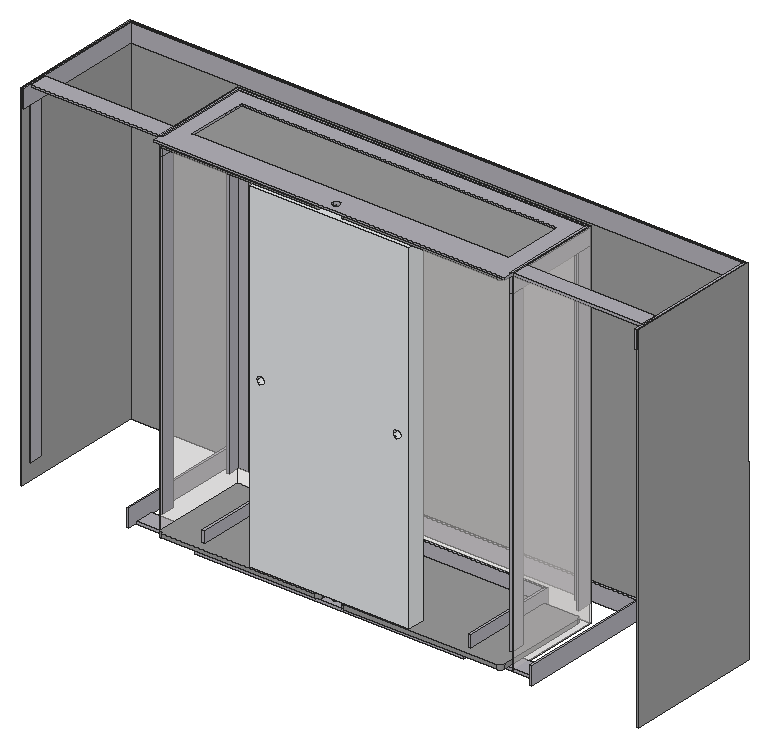
Revit family "Lighting - Lumetta - Sconce - W2094", category Lighting Fixtures, host Wall, Revit 2015
Parameters
  Wattage = 34.1318 W
  W2094 URL [instance] = "https://lumetta.com/luminaires/shadow-cube-sconce/"
  built-in parameter 1150110 = 1 (stored number, unit not read)
  URL = "https://lumetta.com/luminaires/shadow-cube-sconce/"
  built-in parameter 1114217 = 1 (stored number, unit not read)
  Top Lens-Material [instance] = Acrylic - 2447 - White
  Top Lens [instance] = yes
  built-in parameter 1150109 = 1 (stored number, unit not read)
  built-in parameter 1150134 = (empty or 0)
  built-in parameter 1150113 = 1 (stored number, unit not read)
  Model = "W2094"  # constant formula
  Manufacturer = "Lumetta, Inc."  # constant formula
  Lumens = 5070 lm
  built-in parameter 1150115 = 1 (stored number, unit not read)
  built-in parameter 1150105 = 403.46 (stored number, unit not read)
  Light Source Symbol Size = 0' - 1"
  built-in parameter 1150137 = (empty or 0)
  built-in parameter 1150139 = (empty or 0)
  built-in parameter 1150112 = 1 (stored number, unit not read)
  built-in parameter 1150114 = 1 (stored number, unit not read)
  built-in parameter 1150132 = 2
  built-in parameter 1150102 = (empty or 0)
  built-in parameter 1150138 = (empty or 0)
  built-in parameter 1150107 = 3000 (stored number, unit not read)
  built-in parameter 1150106 = 4.0346 (stored number, unit not read)
  Frame Finish [instance] = Paint - Lumetta - F02 - PC_Chrome
  built-in parameter 1150104 = 13.8 (stored number, unit not read)
  Dimming Lamp Color Temperature Shift = (empty or 0)
  Diffuser Material-Outer [instance] = Shade - Lumetta - D921 - Trans_Cool
  Diffuser Material-Inner [instance] = Shade - Lumetta - D61 - MT_White
  Description = "W2094 ShadowCube Sconce"  # constant formula
  Color Filter = 16777215
  Bottom Lens-Material [instance] = Acrylic - P95 - Etched White
  Bottom Lens [instance] = yes
  built-in parameter 1114218 = 1 (stored number, unit not read)
  built-in parameter 1150133 = 10 (stored number, unit not read)
Reference planes (in)
  plane 1: y = 0
  plane 2 "Light Source Axis (F/B)": y = 4
  plane 3 "Light Source Axis (L/R)": x = -1.43133
  plane 4 "Light Source Elevation": z = 77.42225
  plane 5 "Sconce-BTM": z = 72.35975
  plane 6 "Sconce-TOP": z = 82.48475
  plane 7 "Wall-Face": y = 3.0625
Forms (in)
  Extrusion 1, solid, material "Paint - Lumetta - F11 - PC_White"
    sketch origin (0, 3.0625, 0) x (-1, 0, 0) y (0, 0, 1)
      loop
        line (-0.81867, 82.27225) -> (-0.81867, 72.57225) -> (3.68133, 72.57225) -> (3.68133, 82.27225) -> (-0.81867, 82.27225)
      loop
        circle (3.36883, 77.42225) r 0.11
      loop
        circle (-0.50617, 77.42225) r 0.1111
    from 0 to 0.5
  Extrusion 2, solid, material "Paint - Lumetta - F02 - PC_Chrome" <- "Frame Finish"
    sketch origin (0, 0, 82.48475) x (0, 1, 0) y (-1, 0, 0)
      loop
        line (3.3125, 6.36883) -> (6, 6.36883) -> (6, -3.50617) -> (3.3125, -3.50617) -> (3.3125, -3.56867) -> (6.0625, -3.56867) -> (6.0625, 6.43133) -> (3.3125, 6.43133) -> (3.3125, 6.36883)
      loop
        line (6.9375, 10.18133) -> (3.0625, 10.18133) -> (3.0625, 10.11883) -> (6.875, 10.11883) -> (6.875, -7.25617) -> (3.0625, -7.25617) -> (3.0625, -7.31867) -> (6.9375, -7.31867) -> (6.9375, 10.18133)
    from 0 to -0.51153
  Extrusion 3, solid, material "Paint - Lumetta - F02 - PC_Chrome" <- "Frame Finish"
    sketch origin (0, 0, 72.35975) x (0, 1, 0) y (-1, 0, 0)
      loop
        line (6.875, 7.11883) -> (6.875, -4.25617) -> (3.0625, -4.25617) -> (3.0625, -4.31867) -> (6.9375, -4.31867) -> (6.9375, 7.18133) -> (3.0625, 7.18133) -> (3.0625, 7.11883) -> (6.875, 7.11883)
      loop
        line (3.3125, 5.24383) -> (3.3125, 5.18133) -> (6, 5.18133) -> (6, -2.31867) -> (3.3125, -2.31867) -> (3.3125, -2.38117) -> (6.0625, -2.38117) -> (6.0625, 5.24383) -> (3.3125, 5.24383)
    from 0 to 0.5
  Extrusion 4, solid, material "Paint - Lumetta - F02 - PC_Chrome" <- "Frame Finish"
    sketch origin (0, 0, 82.48475) x (0, 1, 0) y (-1, 0, 0)
      loop
        line (3.6875, -7.25617) -> (3.3125, -7.25617) -> (3.3125, -7.31867) -> (3.6875, -7.31867) -> (3.6875, -7.25617)
      loop
        line (3.6875, 10.18133) -> (3.3125, 10.18133) -> (3.3125, 10.11883) -> (3.6875, 10.11883) -> (3.6875, 10.18133)
      loop
        line (6, -3.50617) -> (5.6875, -3.50617) -> (5.6875, -3.56867) -> (6.0625, -3.56867) -> (6.0625, -3.19367) -> (6, -3.19367) -> (6, -3.50617)
      loop
        line (6.0625, 6.43133) -> (5.6875, 6.43133) -> (5.6875, 6.36883) -> (6, 6.36883) -> (6, 6.05633) -> (6.0625, 6.05633) -> (6.0625, 6.43133)
      loop
        line (3.6875, 6.43133) -> (3.3125, 6.43133) -> (3.3125, 6.36883) -> (3.6875, 6.36883) -> (3.6875, 6.43133)
      loop
        line (3.6875, -3.50617) -> (3.3125, -3.50617) -> (3.3125, -3.56867) -> (3.6875, -3.56867) -> (3.6875, -3.50617)
    from -9.625 to -0.51153
  Extrusion 5, solid, material "Paint - Lumetta - F02 - PC_Chrome" <- "Frame Finish"
    sketch origin (0, 0, 82.48475) x (0, 1, 0) y (-1, 0, 0)
      loop
        circle (3.3125, 1.43133) r 0.10938
      loop
        line (5.5625, 5.93133) -> (3.8125, 5.93133) -> (3.8125, -3.06867) -> (5.5625, -3.06867) -> (5.5625, 5.93133)
      loop
        line (6.0625, -3.56867) -> (6.0625, 6.43133) -> (3.8125, 6.43133) -> (3.8125, 10.11883) -> (3.3125, 10.11883) -> (3.3125, 6.43133) -> (3.0625, 6.43133) -> (3.0625, -3.56867) -> (3.3125, -3.56867) -> (3.3125, -7.25617) -> (3.8125, -7.25617) -> (3.8125, -3.56867) -> (6.0625, -3.56867)
    from 0 to -0.06123
  Extrusion 6, solid, material "Paint - Lumetta - F02 - PC_Chrome" <- "Frame Finish"
    sketch origin (0, 0, 72.35975) x (0, 1, 0) y (-1, 0, 0)
      loop
        line (6.0625, 5.24383) -> (3.8125, 5.24383) -> (3.8125, 7.11883) -> (3.3125, 7.11883) -> (3.3125, 5.24383) -> (3.0625, 5.24383) -> (3.0625, -2.38117) -> (3.3125, -2.38117) -> (3.3125, -4.25617) -> (3.8125, -4.25617) -> (3.8125, -2.38117) -> (6.0625, -2.38117) -> (6.0625, 5.24383)
      loop
        line (5.5625, 4.74383) -> (3.8125, 4.74383) -> (3.8125, -1.88117) -> (5.5625, -1.88117) -> (5.5625, 4.74383)
      loop
        circle (3.3125, 1.43133) r 0.106
    from 0 to 0.06762
  Extrusion 7, solid, material "Acrylic - 2447 - White" <- "Top Lens-Material", visible <- "Top Lens"
    sketch origin (0, 0, 82.48475) x (0, 1, 0) y (-1, 0, 0)
      loop
        arc (5.78125, -3.44367) -> (5.86964, -3.40706) -> (5.90625, -3.31867) r 0.125
        line (5.90625, -3.31867) -> (5.90625, 6.18133)
        arc (5.90625, 6.18133) -> (5.86964, 6.26971) -> (5.78125, 6.30633) r 0.125
        line (5.78125, 6.30633) -> (3.1875, 6.30633)
        arc (3.1875, 6.30633) -> (3.09911, 6.26971) -> (3.0625, 6.18133) r 0.125
        line (3.0625, 6.18133) -> (3.0625, 1.83758)
        arc (3.0625, 1.83758) -> (3.09911, 1.74919) -> (3.1875, 1.71258) r 0.125
        line (3.1875, 1.71258) -> (3.3125, 1.71258)
        arc (3.3125, 1.71258) -> (3.59375, 1.43133) -> (3.3125, 1.15008) r 0.28125
        line (3.3125, 1.15008) -> (3.1875, 1.15008)
        arc (3.1875, 1.15008) -> (3.09911, 1.11346) -> (3.0625, 1.02508) r 0.125
        line (3.0625, 1.02508) -> (3.0625, -3.31867)
        arc (3.0625, -3.31867) -> (3.09911, -3.40706) -> (3.1875, -3.44367) r 0.125
        line (3.1875, -3.44367) -> (5.78125, -3.44367)
    from -0.06123 to -0.12443
  Extrusion 8, solid, material "Acrylic - P95 - Etched White" <- "Bottom Lens-Material", visible <- "Bottom Lens"
    sketch origin (0, 0, 72.35975) x (0, 1, 0) y (-1, 0, 0)
      loop
        arc (5.78125, -3.44367) -> (5.86964, -3.40706) -> (5.90625, -3.31867) r 0.125
        line (5.90625, -3.31867) -> (5.90625, 6.18133)
        arc (5.90625, 6.18133) -> (5.86964, 6.26971) -> (5.78125, 6.30633) r 0.125
        line (5.78125, 6.30633) -> (3.1875, 6.30633)
        arc (3.1875, 6.30633) -> (3.09911, 6.26971) -> (3.0625, 6.18133) r 0.125
        line (3.0625, 6.18133) -> (3.0625, 1.83758)
        arc (3.0625, 1.83758) -> (3.09911, 1.74919) -> (3.1875, 1.71258) r 0.125
        line (3.1875, 1.71258) -> (3.3125, 1.71258)
        arc (3.3125, 1.71258) -> (3.59375, 1.43133) -> (3.3125, 1.15008) r 0.28125
        line (3.3125, 1.15008) -> (3.1875, 1.15008)
        arc (3.1875, 1.15008) -> (3.09911, 1.11346) -> (3.0625, 1.02508) r 0.125
        line (3.0625, 1.02508) -> (3.0625, -3.31867)
        arc (3.0625, -3.31867) -> (3.09911, -3.40706) -> (3.1875, -3.44367) r 0.125
        line (3.1875, -3.44367) -> (5.78125, -3.44367)
    from 0.184 to 0.06762
  Extrusion 9, solid, material "Shade - Lumetta - D921 - Trans_Cool" <- "Diffuser Material-Outer"
    sketch origin (0, 0, 72.35975) x (0, 1, 0) y (-1, 0, 0)
      loop
        line (3.0625, 10.18133) -> (6.9375, 10.18133) -> (6.9375, -7.31867) -> (3.0625, -7.31867) -> (3.0625, -7.34992) -> (6.96875, -7.34992) -> (6.96875, 10.21258) -> (3.0625, 10.21258) -> (3.0625, 10.18133)
    from 0 to 10.125
  Extrusion 10, solid, material "Shade - Lumetta - D61 - MT_White" <- "Diffuser Material-Inner"
    sketch origin (0, 0, 72.35975) x (0, 1, 0) y (-1, 0, 0)
      loop
        line (3.3125, 6.43133) -> (6.0625, 6.43133) -> (6.0625, -3.56867) -> (3.3125, -3.56867) -> (3.3125, -3.59992) -> (6.09375, -3.59992) -> (6.09375, 6.46258) -> (3.3125, 6.46258) -> (3.3125, 6.43133)
    from 0 to 10.125
Text (in)
  text "Placement Side" at (0, 40.15149, 123.01588), in view "Right"
  text "Placement Side" at (-70.3804, 28.46503, 0), in view "Ref. Level"
  text "Placement Side" at (0, 85.69064, 140.59947), in view "Left"
Dimensions and locks (in)
  plane 4 "Light Source Elevation" to plane 6 "Sconce-TOP" = 0' - 5 1/16"
  plane 5 "Sconce-BTM" to plane 4 "Light Source Elevation" = 0' - 5 1/16"  (x2)
  plane 6 "Sconce-TOP" to plane 4 "Light Source Elevation" = 0' - 5 1/16"
  locked: Extrusion 1 sketch curve to Extrusion 1 sketch curve at 4.5
  locked: plane 4 "Light Source Elevation" to Extrusion 1 sketch curve at 4.85
  locked: Extrusion 1 sketch curve to Extrusion 1 sketch curve at 9.7
  Extrusion 1 sketch curve to imposter light = 0' - 0"
  imposter light to Extrusion 1 sketch curve = 0' - 0"
  locked: plane 3 "Light Source Axis (L/R)" to Extrusion 1 sketch curve at 2.25
  locked: Extrusion 2 to Extrusion 2 at 0.51153
  locked: Extrusion 3 sketch curve to Extrusion 3 sketch curve at 0.0625  (x6)
  locked: Extrusion 3 sketch curve to Extrusion 3 sketch curve at 3.875  (x2)
  locked: plane 3 "Light Source Axis (L/R)" to Extrusion 3 sketch curve at 5.75
  locked: Extrusion 3 sketch curve to Extrusion 3 sketch curve at 11.5
  locked: plane 7 "Wall-Face" to Extrusion 3 sketch curve at 0
  locked: plane 5 "Sconce-BTM" to Extrusion 3 at 0.5
  locked: Extrusion 3 sketch curve to Extrusion 3 sketch curve at 2.75  (x2)
  locked: Extrusion 3 sketch curve to Extrusion 3 sketch curve at 7.625
  locked: plane 3 "Light Source Axis (L/R)" to Extrusion 3 sketch curve at 3.8125
  locked: Extrusion 3 sketch curve to plane 7 "Wall-Face" at 0.25
  locked: Extrusion 5 to plane 6 "Sconce-TOP" at 0.06123
  locked: Extrusion 6 sketch curve to Extrusion 6 sketch curve at 11.375
  locked: Extrusion 6 sketch curve to Extrusion 6 sketch curve at 7.625  (x2)
  locked: Extrusion 6 sketch curve to Extrusion 6 sketch curve at 1.875  (x5)
  locked: Extrusion 6 sketch curve to Extrusion 6 sketch curve at 0.5  (x7)
  Extrusion 6 sketch curve to Extrusion 6 sketch curve = 0' - 0 1/2"
  locked: Extrusion 6 sketch curve to Extrusion 6 sketch curve at 5.6875
  locked: Extrusion 6 sketch curve to Extrusion 6 sketch curve at 0.25
  locked: Extrusion 6 sketch curve to Extrusion 6 sketch curve at 0.75
  locked: Extrusion 6 sketch curve to Extrusion 6 sketch curve at 3
  locked: Extrusion 6 sketch curve to Extrusion 6 sketch curve at 2.25  (x2)
  locked: plane 5 "Sconce-BTM" to Extrusion 6 at 0.06762
  locked: Extrusion 7 sketch curve to Extrusion 7 sketch curve at 9.75
  locked: Extrusion 7 sketch curve to Extrusion 7 sketch curve at 2.84375  (x2)
  locked: Extrusion 7 sketch curve to Extrusion 7 sketch curve at 0.25
  locked: Extrusion 8 sketch curve to Extrusion 8 sketch curve at 9.75
  locked: Extrusion 8 sketch curve to Extrusion 8 sketch curve at 2.84375  (x3)
  locked: Extrusion 8 sketch curve to Extrusion 8 sketch curve at 0.25
  locked: Extrusion 6 to Extrusion 8 at 0.11638
  locked: Extrusion 6 sketch curve to host wall at 0
  locked: Extrusion 8 sketch curve to plane 7 "Wall-Face" at 2.84375
  Extrusion 8 sketch curve to Extrusion 7 = 0' - 0"
  locked: plane 7 "Wall-Face" to Extrusion 7 sketch curve at 2.84375
  Extrusion 9 to plane 3 "Light Source Axis (L/R)" = 0' - 8 3/4"
  locked: Extrusion 9 sketch curve to Extrusion 3 at 0.03125
  locked: Extrusion 9 sketch curve to Extrusion 9 sketch curve at 0.03125  (x3)
  locked: Extrusion 10 sketch curve to Extrusion 10 sketch curve at 0.03125  (x3)
  locked: plane 7 "Wall-Face" to Extrusion 10 sketch curve at 3.03125
  locked: Extrusion 2 sketch curve to Extrusion 2 sketch curve at 0.0625  (x6)
  locked: plane 7 "Wall-Face" to Extrusion 2 sketch curve at 3
  locked: plane 7 "Wall-Face" to Extrusion 2 sketch curve at 3.875
  locked: Extrusion 2 sketch curve to Extrusion 2 sketch curve at 10
  locked: Extrusion 2 sketch curve to Extrusion 2 sketch curve at 17.5
  locked: plane 3 "Light Source Axis (L/R)" to Extrusion 2 sketch curve at 5
  locked: plane 3 "Light Source Axis (L/R)" to Extrusion 2 sketch curve at 8.75
  locked: plane 3 "Light Source Axis (L/R)" to Extrusion 10 sketch curve at 5
  locked: Extrusion 10 sketch curve to Extrusion 10 sketch curve at 10
  locked: plane 7 "Wall-Face" to Extrusion 10 sketch curve at 3
  Extrusion 2 sketch curve to plane 7 "Wall-Face" = 0' - 0 1/4"  (x2)
  locked: plane 7 "Wall-Face" to Extrusion 10 sketch curve at 0.25  (x2)
  locked: Extrusion 9 sketch curve to plane 7 "Wall-Face" at 3.875
  locked: Extrusion 9 sketch curve to plane 7 "Wall-Face" at 0  (x2)
  locked: plane 3 "Light Source Axis (L/R)" to Extrusion 9 sketch curve at 8.75
  locked: Extrusion 9 sketch curve to Extrusion 9 sketch curve at 17.5
  locked: Extrusion 4 sketch curve to Extrusion 4 sketch curve at 0.0625  (x8)
  locked: Extrusion 4 sketch curve to Extrusion 4 sketch curve at 0.375  (x5)
  locked: Extrusion 4 sketch curve to Extrusion 3 at 0.375
  locked: Extrusion 3 to Extrusion 4 sketch curve at 0.375  (x2)
  locked: Extrusion 4 sketch curve to plane 7 "Wall-Face" at 0.25
  locked: plane 7 "Wall-Face" to Extrusion 4 sketch curve at 0.25
  locked: plane 7 "Wall-Face" to Extrusion 4 sketch curve at 3  (x2)
  locked: plane 3 "Light Source Axis (L/R)" to Extrusion 4 sketch curve at 8.75
  locked: Extrusion 4 sketch curve to Extrusion 4 sketch curve at 17.5
  locked: Extrusion 4 sketch curve to Extrusion 4 sketch curve at 10  (x2)
  locked: plane 3 "Light Source Axis (L/R)" to Extrusion 4 sketch curve at 5  (x2)
  locked: plane 7 "Wall-Face" to Extrusion 5 sketch curve at 0
  locked: Extrusion 5 sketch curve to Extrusion 5 sketch curve at 0.75
  locked: Extrusion 5 sketch curve to Extrusion 5 sketch curve at 1.75
  locked: Extrusion 5 sketch curve to Extrusion 5 sketch curve at 0.5  (x3)
  locked: Extrusion 5 sketch curve to Extrusion 5 sketch curve at 0.25  (x3)
  locked: Extrusion 7 sketch curve to plane 3 "Light Source Axis (L/R)" at 4.875
  locked: Extrusion 8 sketch curve to plane 3 "Light Source Axis (L/R)" at 4.875
  locked: imposter light to plane 3 "Light Source Axis (L/R)" (angle 90.00°)
  aligned: level to host wall
  aligned and locked: plane 2 "Light Source Axis (F/B)" to imposter light
  aligned and locked: host wall to plane 7 "Wall-Face"
  aligned and locked: plane 6 "Sconce-TOP" to Extrusion 2
  aligned and locked: Extrusion 3 to plane 5 "Sconce-BTM"
  aligned and locked: Extrusion 4 to Extrusion 3
  aligned and locked: Extrusion 4 to Extrusion 2
  aligned and locked: Extrusion 8 to Extrusion 6
  aligned and locked: Extrusion 9 to plane 5 "Sconce-BTM"
  aligned and locked: plane 6 "Sconce-TOP" to Extrusion 10
  aligned and locked: Extrusion 10 to plane 5 "Sconce-BTM"
  aligned and locked: plane 6 "Sconce-TOP" to Extrusion 9
